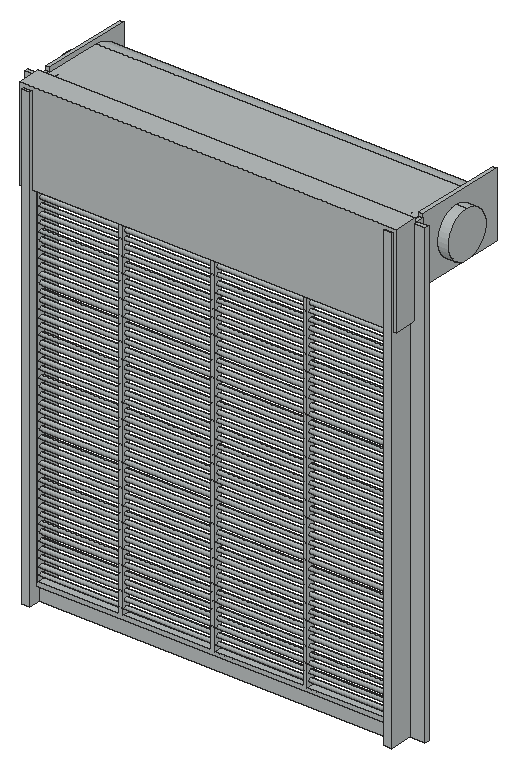
Revit family "0041_M_DR_W_rolling grille-upward acting", category 문, Revit 2026
Family settings
  호스트 = 벽
  항상 수직 = 예
  로드될 때 보이드를 사용하여 절단 = 아니오
  공유 = 아니오
  룸 계산 점 = 아니오
Parameters (values of type "96" x 120"")
  조합 코드 = "B2030420"
  기능 = 내부
  Material = Metal - Steel
  Height = 10' - 0"
  벽 마무리 = 호스트별
  Width = 8' - 0"
Types (2): name | 조합 코드 | Height | Width
  96" x 120" | "B2030420" | 10' - 0" | 8' - 0"
  2400 x 3000mm | 0' - 0" | 9' - 10.11024" | 7' - 10.48819"
Reference planes (in)
  plane 1: y = 0
  plane 2 "Center": x = 0
  plane 3 "Left": x = -48
  plane 4 "Right": x = 48
  plane 5 "Top": z = 120
  plane 6: y = 3
  plane 7: y = 6
  plane 8: x = 49
  plane 9: x = -49
  plane 10: x = -46
  plane 11: x = 24
  plane 12: x = -24
Forms (in)
  Sweep 1, solid, material "Metal - Steel" <- "Material"
    path origin (0, 3, 0) x (0, 0, -1) y (1, 0, 0)
      loop
        line (-120, 48) -> (0, 48)
    profile origin (0, 3, 60) x (0, -1, 0) y (1, 0, 0)
      loop
        line (0, 48) -> (0, 52) -> (-1, 52) -> (-1, 49) -> (-3, 49) -> (-3, 46) -> (6, 46) -> (6, 48) -> (0, 48)
  Extrusion 2, solid, material "Metal - Steel" <- "Material"
    sketch origin (0, 6, 0) x (0, 0, -1) y (1, 0, 0)
      loop
        line (-97, 49) -> (-121, 49) -> (-121, -49) -> (-97, -49) -> (-97, 49)
    from 2.5 to 8.5
  Extrusion 3, solid, material "Metal - Steel" <- "Material"
    sketch origin (49, 0, 0) x (0, 0, 1) y (0, 1, 0)
      loop
        line (121, 6) -> (121, 30) -> (104, 30) -> (104, 6) -> (121, 6)
    from 0 to 1
  Extrusion 4, solid, material "Metal - Steel" <- "Material"
    sketch origin (-48, 0, 0) x (0, -1, 0) y (0, 0, 1)
      loop
        line (-6, 104) -> (-6, 121) -> (-30, 121) -> (-30, 104) -> (-6, 104)
    from 0 to 1
  Extrusion 5, solid, material "Metal - Steel" <- "Material"
    sketch origin (48, 0, 0) x (0, -1, 0) y (0, 0, 1)
      loop
        line (-3, 105) -> (-3, 120) -> (-20.8341, 120)
        arc (-20.8341, 120) -> (-28.3341, 112.5) -> (-20.8341, 105) r 7.5
        line (-20.8341, 105) -> (-3, 105)
    from 0 to 96
  Extrusion 6, solid, material "Metal - Steel" <- "Material"
    sketch origin (48, 0, 0) x (0, -1, 0) y (0, 0, 1)
      loop
        line (0, 4) -> (-2, 4) -> (-2, 0) -> (0, 0) -> (0, 4)
    from 0 to 94
  Extrusion 7, solid, material "Metal - Steel" <- "Material"
    sketch origin (0, 0, 0) x (1, 0, 0) y (0, 0, 1)
      loop
        line (24, 4) -> (46, 4) -> (46, 97) -> (24, 97) -> (0, 97) -> (-24, 97) -> (-46, 97) -> (-46, 4) -> (-24, 4) -> (0, 4) -> (24, 4)
      loop
        line (45.5, 96) -> (24.5, 96) -> (24.5, 5) -> (45.5, 5) -> (45.5, 96)
      loop
        line (0.5, 96) -> (0.5, 5) -> (23.5, 5) -> (23.5, 96) -> (0.5, 96)
      loop
        line (-45.5, 96) -> (-45.5, 5) -> (-24.5, 5) -> (-24.5, 96) -> (-45.5, 96)
      loop
        line (-0.5, 96) -> (-23.5, 96) -> (-23.5, 5) -> (-0.5, 5) -> (-0.5, 96)
    from 1 to -1
  Extrusion 8, solid, material "Metal - Steel"
    sketch origin (-46, 0, 0) x (0, 0, -1) y (0, 1, 0)
      loop
        circle (-6.5, 0) r 0.5
    from 0 to 91
  Sweep 9, solid, material "Metal - Steel" <- "Material"
    path origin (0, 3, 0) x (0, 0, -1) y (1, 0, 0)
      loop
        line (-120, -48) -> (0, -48)
    profile origin (0, 3, 60) x (0, -1, 0) y (1, 0, 0)
      loop
        line (0, -48) -> (6, -48) -> (6, -46) -> (-3, -46) -> (-3, -49) -> (-1, -49) -> (-1, -52) -> (0, -52) -> (0, -48)
  Extrusion 10, solid, material "Metal - Steel" <- "Material"
    sketch origin (49, 0, 0) x (0, 0, 1) y (0, 1, 0)
      loop
        circle (112.52815, 16.58197) r 6
    from 0 to -3
  Extrusion 11, solid, material "Metal - Steel"
    sketch origin (-46, 0, 2) x (0, 0, -1) y (0, 1, 0)
      loop
        circle (-6.5, 0) r 0.5
    from 0 to 91
  Extrusion 12, solid, material "Metal - Steel"
    sketch origin (-46, 0, 4) x (0, 0, -1) y (0, 1, 0)
      loop
        circle (-6.5, 0) r 0.5
    from 0 to 91
  Extrusion 13, solid, material "Metal - Steel"
    sketch origin (-46, 0, 6) x (0, 0, -1) y (0, 1, 0)
      loop
        circle (-6.5, 0) r 0.5
    from 0 to 91
  Extrusion 14, solid, material "Metal - Steel"
    sketch origin (-46, 0, 8) x (0, 0, -1) y (0, 1, 0)
      loop
        circle (-6.5, 0) r 0.5
    from 0 to 91
  Extrusion 15, solid, material "Metal - Steel"
    sketch origin (-46, 0, 10) x (0, 0, -1) y (0, 1, 0)
      loop
        circle (-6.5, 0) r 0.5
    from 0 to 91
  Extrusion 16, solid, material "Metal - Steel"
    sketch origin (-46, 0, 12) x (0, 0, -1) y (0, 1, 0)
      loop
        circle (-6.5, 0) r 0.5
    from 0 to 91
  Extrusion 17, solid, material "Metal - Steel"
    sketch origin (-46, 0, 14) x (0, 0, -1) y (0, 1, 0)
      loop
        circle (-6.5, 0) r 0.5
    from 0 to 91
  Extrusion 18, solid, material "Metal - Steel"
    sketch origin (-46, 0, 16) x (0, 0, -1) y (0, 1, 0)
      loop
        circle (-6.5, 0) r 0.5
    from 0 to 91
  Extrusion 19, solid, material "Metal - Steel"
    sketch origin (-46, 0, 18) x (0, 0, -1) y (0, 1, 0)
      loop
        circle (-6.5, 0) r 0.5
    from 0 to 91
  Extrusion 20, solid, material "Metal - Steel"
    sketch origin (-46, 0, 20) x (0, 0, -1) y (0, 1, 0)
      loop
        circle (-6.5, 0) r 0.5
    from 0 to 91
  Extrusion 21, solid, material "Metal - Steel"
    sketch origin (-46, 0, 22) x (0, 0, -1) y (0, 1, 0)
      loop
        circle (-6.5, 0) r 0.5
    from 0 to 91
  Extrusion 22, solid, material "Metal - Steel"
    sketch origin (-46, 0, 24) x (0, 0, -1) y (0, 1, 0)
      loop
        circle (-6.5, 0) r 0.5
    from 0 to 91
  Extrusion 23, solid, material "Metal - Steel"
    sketch origin (-46, 0, 26) x (0, 0, -1) y (0, 1, 0)
      loop
        circle (-6.5, 0) r 0.5
    from 0 to 91
  Extrusion 24, solid, material "Metal - Steel"
    sketch origin (-46, 0, 28) x (0, 0, -1) y (0, 1, 0)
      loop
        circle (-6.5, 0) r 0.5
    from 0 to 91
  Extrusion 25, solid, material "Metal - Steel"
    sketch origin (-46, 0, 30) x (0, 0, -1) y (0, 1, 0)
      loop
        circle (-6.5, 0) r 0.5
    from 0 to 91
  Extrusion 26, solid, material "Metal - Steel"
    sketch origin (-46, 0, 32) x (0, 0, -1) y (0, 1, 0)
      loop
        circle (-6.5, 0) r 0.5
    from 0 to 91
  Extrusion 27, solid, material "Metal - Steel"
    sketch origin (-46, 0, 34) x (0, 0, -1) y (0, 1, 0)
      loop
        circle (-6.5, 0) r 0.5
    from 0 to 91
  Extrusion 28, solid, material "Metal - Steel"
    sketch origin (-46, 0, 36) x (0, 0, -1) y (0, 1, 0)
      loop
        circle (-6.5, 0) r 0.5
    from 0 to 91
  Extrusion 29, solid, material "Metal - Steel"
    sketch origin (-46, 0, 38) x (0, 0, -1) y (0, 1, 0)
      loop
        circle (-6.5, 0) r 0.5
    from 0 to 91
  Extrusion 30, solid, material "Metal - Steel"
    sketch origin (-46, 0, 40) x (0, 0, -1) y (0, 1, 0)
      loop
        circle (-6.5, 0) r 0.5
    from 0 to 91
  Extrusion 31, solid, material "Metal - Steel"
    sketch origin (-46, 0, 42) x (0, 0, -1) y (0, 1, 0)
      loop
        circle (-6.5, 0) r 0.5
    from 0 to 91
  Extrusion 32, solid, material "Metal - Steel"
    sketch origin (-46, 0, 44) x (0, 0, -1) y (0, 1, 0)
      loop
        circle (-6.5, 0) r 0.5
    from 0 to 91
  Extrusion 33, solid, material "Metal - Steel"
    sketch origin (-46, 0, 46) x (0, 0, -1) y (0, 1, 0)
      loop
        circle (-6.5, 0) r 0.5
    from 0 to 91
  Extrusion 34, solid, material "Metal - Steel"
    sketch origin (-46, 0, 48) x (0, 0, -1) y (0, 1, 0)
      loop
        circle (-6.5, 0) r 0.5
    from 0 to 91
  Extrusion 35, solid, material "Metal - Steel"
    sketch origin (-46, 0, 50) x (0, 0, -1) y (0, 1, 0)
      loop
        circle (-6.5, 0) r 0.5
    from 0 to 91
  Extrusion 36, solid, material "Metal - Steel"
    sketch origin (-46, 0, 52) x (0, 0, -1) y (0, 1, 0)
      loop
        circle (-6.5, 0) r 0.5
    from 0 to 91
  Extrusion 37, solid, material "Metal - Steel"
    sketch origin (-46, 0, 54) x (0, 0, -1) y (0, 1, 0)
      loop
        circle (-6.5, 0) r 0.5
    from 0 to 91
  Extrusion 38, solid, material "Metal - Steel"
    sketch origin (-46, 0, 56) x (0, 0, -1) y (0, 1, 0)
      loop
        circle (-6.5, 0) r 0.5
    from 0 to 91
  Extrusion 39, solid, material "Metal - Steel"
    sketch origin (-46, 0, 58) x (0, 0, -1) y (0, 1, 0)
      loop
        circle (-6.5, 0) r 0.5
    from 0 to 91
  Extrusion 40, solid, material "Metal - Steel"
    sketch origin (-46, 0, 60) x (0, 0, -1) y (0, 1, 0)
      loop
        circle (-6.5, 0) r 0.5
    from 0 to 91
  Extrusion 41, solid, material "Metal - Steel"
    sketch origin (-46, 0, 62) x (0, 0, -1) y (0, 1, 0)
      loop
        circle (-6.5, 0) r 0.5
    from 0 to 91
  Extrusion 42, solid, material "Metal - Steel"
    sketch origin (-46, 0, 64) x (0, 0, -1) y (0, 1, 0)
      loop
        circle (-6.5, 0) r 0.5
    from 0 to 91
  Extrusion 43, solid, material "Metal - Steel"
    sketch origin (-46, 0, 66) x (0, 0, -1) y (0, 1, 0)
      loop
        circle (-6.5, 0) r 0.5
    from 0 to 91
  Extrusion 44, solid, material "Metal - Steel"
    sketch origin (-46, 0, 68) x (0, 0, -1) y (0, 1, 0)
      loop
        circle (-6.5, 0) r 0.5
    from 0 to 91
  Extrusion 45, solid, material "Metal - Steel"
    sketch origin (-46, 0, 70) x (0, 0, -1) y (0, 1, 0)
      loop
        circle (-6.5, 0) r 0.5
    from 0 to 91
  Extrusion 46, solid, material "Metal - Steel"
    sketch origin (-46, 0, 72) x (0, 0, -1) y (0, 1, 0)
      loop
        circle (-6.5, 0) r 0.5
    from 0 to 91
  Extrusion 47, solid, material "Metal - Steel"
    sketch origin (-46, 0, 74) x (0, 0, -1) y (0, 1, 0)
      loop
        circle (-6.5, 0) r 0.5
    from 0 to 91
  Extrusion 48, solid, material "Metal - Steel"
    sketch origin (-46, 0, 76) x (0, 0, -1) y (0, 1, 0)
      loop
        circle (-6.5, 0) r 0.5
    from 0 to 91
  Extrusion 49, solid, material "Metal - Steel"
    sketch origin (-46, 0, 78) x (0, 0, -1) y (0, 1, 0)
      loop
        circle (-6.5, 0) r 0.5
    from 0 to 91
  Extrusion 50, solid, material "Metal - Steel"
    sketch origin (-46, 0, 80) x (0, 0, -1) y (0, 1, 0)
      loop
        circle (-6.5, 0) r 0.5
    from 0 to 91
  Extrusion 51, solid, material "Metal - Steel"
    sketch origin (-46, 0, 82) x (0, 0, -1) y (0, 1, 0)
      loop
        circle (-6.5, 0) r 0.5
    from 0 to 91
  Extrusion 52, solid, material "Metal - Steel"
    sketch origin (-46, 0, 84) x (0, 0, -1) y (0, 1, 0)
      loop
        circle (-6.5, 0) r 0.5
    from 0 to 91
  Extrusion 53, solid, material "Metal - Steel"
    sketch origin (-46, 0, 86) x (0, 0, -1) y (0, 1, 0)
      loop
        circle (-6.5, 0) r 0.5
    from 0 to 91
  Extrusion 54, solid, material "Metal - Steel"
    sketch origin (-46, 0, 88) x (0, 0, -1) y (0, 1, 0)
      loop
        circle (-6.5, 0) r 0.5
    from 0 to 91
  Extrusion 55, solid, material "Metal - Steel" <- "Material"
    sketch origin (-49, 0, 0) x (0, 0, 1) y (0, -1, 0)
      loop
        circle (112.52815, -16.58197) r 6
    from 0 to -3
Lines and regions (in)
  Opening 1
    outline origin (-90, -3, 0) x (1, 0, 0) y (0, 0, 1)
      loop
        line (42, 0) -> (138, 0) -> (138, 120) -> (42, 120) -> (42, 0)
Text (in)
  text "Exterior" at (-84.42836, 36.9676, 0), in view "Floor Line"
  text "Interior" at (-84.42836, -25.14366, 0), in view "Floor Line"
  text "Exterior" at (0, 40.15149, 123.01588), in view "Right"
  text "Interior" at (0, -64.39139, 123.01588), in view "Right"
  text "Interior" at (0, -38.83822, 137.67359), in view "Left"
  text "Exterior" at (0, 75.59287, 137.67359), in view "Left"
Dimensions and locks (in)
  equal spacing: plane 3 "Left", plane 2 "Center", plane 4 "Right"
  "Height": level to plane 5 "Top"
  "Width": plane 3 "Left" to plane 4 "Right"
  equal spacing: group 1, group 2, group 3, group 4, group 5, group 6, group 7, group 8, group 9, group 10, group 11, group 12, group 13, group 14, group 15, group 16, group 17, group 18, group 19, group 20, group 21, group 22, group 23, group 24, group 25, group 26, group 27, group 28, group 29, group 30, group 31, group 32, group 33, group 34, group 35, group 36, group 37, group 38, group 39, group 40, group 41, group 42, group 43, group 44, group 45  (x2)
  equal spacing: plane 2 "Center", plane 11, plane 4 "Right"
  equal spacing: plane 2 "Center", plane 12, plane 3 "Left"
  aligned and locked: plane 3 "Left" to Opening 1 sketch curve
  aligned and locked: plane 5 "Top" to Opening 1 sketch curve  (x2)
  aligned and locked: Opening 1 sketch curve to plane 4 "Right"
  aligned and locked: Opening 1 sketch curve to level
  aligned and locked: plane 3 "Left" to Extrusion 5
  aligned and locked: plane 4 "Right" to Extrusion 3
Automatic sketch dimensions
  Sweep 1 sketch curve to level = 0' - 0"
  Sweep 1 sketch curve to plane 6 = 0' - 0"
  Sweep 1 sketch curve to profile plane = 0' - 0"
  Sweep 1 sketch curve to plane 6 = 0' - 1"
  Sweep 1 sketch curve to Sweep 1 sketch curve = 0' - 2"
  profile plane to Sweep 1 sketch curve = 0' - 2"
  plane 6 to Sweep 1 sketch curve = 0' - 6"
  Sweep 1 sketch curve to profile plane = 0' - 1"
  Sweep 1 sketch curve to Sweep 1 sketch curve = 0' - 3"
  Extrusion 2 sketch curve to plane 4 "Right" = 0' - 1"
  Extrusion 2 sketch curve to plane 5 "Top" = 0' - 1"
  plane 5 "Top" to Extrusion 2 sketch curve = 1' - 11"
  plane 3 "Left" to Extrusion 2 sketch curve = 0' - 1"
  Extrusion 3 sketch curve to plane 7 = 0' - 0"
  plane 5 "Top" to Extrusion 3 sketch curve = 1' - 4"
  Extrusion 3 sketch curve to plane 5 "Top" = 0' - 1"
  Extrusion 3 sketch curve to Extrusion 3 sketch curve = 2' - 0"
  Extrusion 4 sketch curve to plane 7 = 0' - 0"
  Extrusion 4 sketch curve to plane 5 "Top" = 0' - 1"
  Extrusion 4 sketch curve to Extrusion 4 sketch curve = 2' - 0"
  plane 5 "Top" to Extrusion 4 sketch curve = 1' - 4"
  Extrusion 5 sketch curve to plane 5 "Top" = 0' - 0"
  Extrusion 5 sketch curve to host wall = 1' - 8.8341"
  plane 7 to Extrusion 5 sketch curve = 0' - 3"
  plane 5 "Top" to Extrusion 5 sketch curve = 0' - 7 1/2"
  Extrusion 6 sketch curve to level = 0' - 0"
  Extrusion 6 sketch curve to host wall = 0' - 0"
  Extrusion 6 sketch curve to host wall = 0' - 2"
  level to Extrusion 6 sketch curve = 0' - 4"
  host sketch curve to host wall = 0' - 0"  (x44)
  host sketch curve to host sketch curve = 0' - 0 1/2"  (x44)
  Extrusion 7 sketch curve to plane 10 = 0' - 0"
  Extrusion 7 sketch curve to plane 12 = 0' - 0"  (x2)
  Extrusion 7 sketch curve to plane 2 "Center" = 0' - 0"  (x2)
  Extrusion 7 sketch curve to plane 11 = 0' - 0"  (x2)
  plane 10 to Extrusion 7 sketch curve = 0' - 0 1/2"
  Extrusion 7 sketch curve to plane 12 = 0' - 0 1/2"
  plane 12 to Extrusion 7 sketch curve = 0' - 0 1/2"
  Extrusion 7 sketch curve to plane 2 "Center" = 0' - 0 1/2"
  plane 2 "Center" to Extrusion 7 sketch curve = 0' - 0 1/2"
  Extrusion 7 sketch curve to plane 11 = 0' - 0 1/2"
  plane 11 to Extrusion 7 sketch curve = 0' - 0 1/2"
  plane 4 "Right" to Extrusion 7 sketch curve = 0' - 2 1/2"
  Extrusion 7 sketch curve to Extrusion 7 sketch curve = 0' - 0 1/2"
  level to Extrusion 7 sketch curve = 0' - 4"
  Extrusion 7 sketch curve to Extrusion 7 sketch curve = 0' - 1"  (x4)
  Extrusion 7 sketch curve to Extrusion 7 sketch curve = 0' - 0"  (x4)
  Extrusion 7 sketch curve to Extrusion 7 sketch curve = 7' - 7"
  Sweep 1 sketch curve to plane 4 "Right" = 0' - 0"
  Sweep 1 sketch curve to plane 5 "Top" = 0' - 0"
  Sweep 9 sketch curve to plane 3 "Left" = 0' - 0"
  Sweep 9 sketch curve to plane 5 "Top" = 0' - 0"
  Sweep 9 sketch curve to level = 0' - 0"
  Sweep 9 sketch curve to profile plane = 0' - 0"
  profile plane to Sweep 9 sketch curve = 0' - 1"
  Sweep 9 sketch curve to Sweep 9 sketch curve = 0' - 2"
  Sweep 9 sketch curve to Sweep 9 sketch curve = 0' - 1"
  Sweep 9 sketch curve to profile plane = 0' - 2"
  Sweep 9 sketch curve to Sweep 9 sketch curve = 0' - 6"
  Sweep 9 sketch curve to Sweep 9 sketch curve = 0' - 3"
  plane 5 "Top" to Extrusion 10 sketch curve = 1' - 1.47185"
  Extrusion 10 sketch curve to Extrusion 10 sketch curve = 0' - 6"
  Extrusion 10 sketch curve to host wall = 1' - 4.58197"
  level to host sketch curve = 0' - 9"
  Extrusion 54 sketch curve to Extrusion 54 sketch curve = 0' - 0 1/2"
  level to host sketch curve = 0' - 11"
  level to host sketch curve = 1' - 1"
  level to host sketch curve = 1' - 3"
  level to host sketch curve = 1' - 5"
  level to host sketch curve = 1' - 7"
  level to host sketch curve = 1' - 9"
  level to host sketch curve = 1' - 11"
  level to host sketch curve = 2' - 1"
  level to host sketch curve = 2' - 3"
  level to host sketch curve = 2' - 5"
  level to host sketch curve = 2' - 7"
  level to host sketch curve = 2' - 9"
  level to host sketch curve = 2' - 11"
  level to host sketch curve = 3' - 1"
  level to host sketch curve = 3' - 3"
  level to host sketch curve = 3' - 5"
  level to host sketch curve = 3' - 7"
  level to host sketch curve = 3' - 9"
  level to host sketch curve = 3' - 11"
  level to host sketch curve = 4' - 1"
  level to host sketch curve = 4' - 3"
  level to host sketch curve = 4' - 5"
  level to host sketch curve = 4' - 7"
  level to host sketch curve = 4' - 9"
  level to host sketch curve = 4' - 11"
  level to host sketch curve = 5' - 1"
  level to host sketch curve = 5' - 3"
  level to host sketch curve = 5' - 5"
  level to host sketch curve = 5' - 7"
  level to host sketch curve = 5' - 9"
  level to host sketch curve = 5' - 11"
  level to host sketch curve = 6' - 1"
  level to host sketch curve = 6' - 3"
  level to host sketch curve = 6' - 5"
  level to host sketch curve = 6' - 7"
  level to host sketch curve = 6' - 9"
  level to host sketch curve = 6' - 11"
  level to host sketch curve = 7' - 1"
  level to host sketch curve = 7' - 3"
  level to host sketch curve = 7' - 5"
  level to host sketch curve = 7' - 7"
  level to host sketch curve = 7' - 9"
  Extrusion 54 sketch curve to host wall = 0' - 0"
  level to Extrusion 54 sketch curve = 7' - 11"
  plane 5 "Top" to Extrusion 55 sketch curve = 1' - 1.47185"
  Extrusion 55 sketch curve to Extrusion 55 sketch curve = 0' - 6"
  Extrusion 55 sketch curve to host wall = 1' - 4.58197"
  Extrusion 8 sketch curve to Extrusion 8 sketch curve = 0' - 0 1/2"
  Extrusion 11 sketch curve to Extrusion 11 sketch curve = 0' - 0 1/2"
  Extrusion 12 sketch curve to Extrusion 12 sketch curve = 0' - 0 1/2"
  Extrusion 13 sketch curve to Extrusion 13 sketch curve = 0' - 0 1/2"
  Extrusion 14 sketch curve to Extrusion 14 sketch curve = 0' - 0 1/2"
  Extrusion 15 sketch curve to Extrusion 15 sketch curve = 0' - 0 1/2"
  Extrusion 16 sketch curve to Extrusion 16 sketch curve = 0' - 0 1/2"
  Extrusion 17 sketch curve to Extrusion 17 sketch curve = 0' - 0 1/2"
  Extrusion 18 sketch curve to Extrusion 18 sketch curve = 0' - 0 1/2"
  Extrusion 19 sketch curve to Extrusion 19 sketch curve = 0' - 0 1/2"
  Extrusion 20 sketch curve to Extrusion 20 sketch curve = 0' - 0 1/2"
  Extrusion 21 sketch curve to Extrusion 21 sketch curve = 0' - 0 1/2"
  Extrusion 22 sketch curve to Extrusion 22 sketch curve = 0' - 0 1/2"
  Extrusion 23 sketch curve to Extrusion 23 sketch curve = 0' - 0 1/2"
  Extrusion 24 sketch curve to Extrusion 24 sketch curve = 0' - 0 1/2"
  Extrusion 25 sketch curve to Extrusion 25 sketch curve = 0' - 0 1/2"
  Extrusion 26 sketch curve to Extrusion 26 sketch curve = 0' - 0 1/2"
  Extrusion 27 sketch curve to Extrusion 27 sketch curve = 0' - 0 1/2"
  Extrusion 28 sketch curve to Extrusion 28 sketch curve = 0' - 0 1/2"
  Extrusion 29 sketch curve to Extrusion 29 sketch curve = 0' - 0 1/2"
  Extrusion 30 sketch curve to Extrusion 30 sketch curve = 0' - 0 1/2"
  Extrusion 31 sketch curve to Extrusion 31 sketch curve = 0' - 0 1/2"
  Extrusion 32 sketch curve to Extrusion 32 sketch curve = 0' - 0 1/2"
  Extrusion 33 sketch curve to Extrusion 33 sketch curve = 0' - 0 1/2"
  Extrusion 34 sketch curve to Extrusion 34 sketch curve = 0' - 0 1/2"
  Extrusion 35 sketch curve to Extrusion 35 sketch curve = 0' - 0 1/2"
  Extrusion 36 sketch curve to Extrusion 36 sketch curve = 0' - 0 1/2"
  Extrusion 37 sketch curve to Extrusion 37 sketch curve = 0' - 0 1/2"
  Extrusion 38 sketch curve to Extrusion 38 sketch curve = 0' - 0 1/2"
  Extrusion 39 sketch curve to Extrusion 39 sketch curve = 0' - 0 1/2"
  Extrusion 40 sketch curve to Extrusion 40 sketch curve = 0' - 0 1/2"
  Extrusion 41 sketch curve to Extrusion 41 sketch curve = 0' - 0 1/2"
  Extrusion 42 sketch curve to Extrusion 42 sketch curve = 0' - 0 1/2"
  Extrusion 43 sketch curve to Extrusion 43 sketch curve = 0' - 0 1/2"
  Extrusion 44 sketch curve to Extrusion 44 sketch curve = 0' - 0 1/2"
  Extrusion 45 sketch curve to Extrusion 45 sketch curve = 0' - 0 1/2"
  Extrusion 46 sketch curve to Extrusion 46 sketch curve = 0' - 0 1/2"
  Extrusion 47 sketch curve to Extrusion 47 sketch curve = 0' - 0 1/2"
  Extrusion 48 sketch curve to Extrusion 48 sketch curve = 0' - 0 1/2"
  Extrusion 49 sketch curve to Extrusion 49 sketch curve = 0' - 0 1/2"
  Extrusion 50 sketch curve to Extrusion 50 sketch curve = 0' - 0 1/2"
  Extrusion 51 sketch curve to Extrusion 51 sketch curve = 0' - 0 1/2"
  Extrusion 52 sketch curve to Extrusion 52 sketch curve = 0' - 0 1/2"
  Extrusion 53 sketch curve to Extrusion 53 sketch curve = 0' - 0 1/2"
